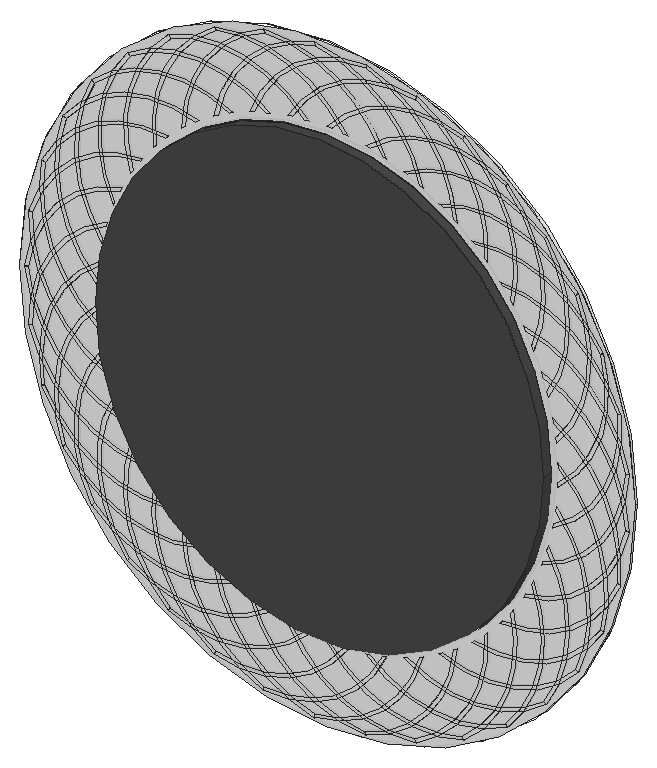
Revit family "3-1203-xx Perla Mirror", category Luminarias, Revit 2021
Family settings
  Anfitrión = Muro
  Cota de conector redondo = Diámetro de uso
  Tipo de pieza = Normal
  Número OmniClass = 23.80.70.00
  Título OmniClass = Lighting
  Siempre vertical = Sí
  Corte con vacíos al cargar = No
  Origen de luz = No
  Compartido = No
  Punto de cálculo de habitación = No
Parameters (values of type "3-1202-0 / Black")
  Diameter = 914 mm
  Elevación por defecto = 0 mm
  Comentarios de vataje = "1 x 61.4 W at 120 V"
  Voltage Input = "120 V or 277 V - 50/60 Hz"  # constant formula
  Voltage = 120 V
  URL = "www.oxygenlighting.com"
  References = "Ref. 3 = 120 V / Ref. 37 = 277 V"  # constant formula
  Modelo = "3-120X-xx / Perla"  # constant formula
  Metal Finish 1 = 15 - Black
  Fabricante = "Vanita by Oxygen"  # constant formula
  Lámpara = "LED Array"  # constant formula
Reference planes
  plane 1: y = 0
  plane 2 "Light Source Axis (L/R)": x = 125
  plane 3 "Light Source Axis (F/R)": y = 160
  plane 4 "Light Source Elevation": z = 700
  plane 5: y = 75
Text (mm)
  text "Placement side" at (-1787.139, 1116.779, 0), in view "Ref. Level"
  text "Placement side" at (0, 2110.396, 2986.058), in view "Left"
  text "Placement side" at (0, 628.478, 3011.967), in view "Right"
Dimensions and locks
  aligned and locked: plane 1 to host wall
  aligned and locked: plane 5 to host wall
  aligned and locked: plane 5 to nested 1
  aligned and locked: nested 1 to plane 2 "Light Source Axis (L/R)"
Nested families
  nested 1: "Family1" at (125, 75, 1005) x (-1, 0, 0) z (0, 0, 1), type "Family1"
Connectors
  electrical at (125, 95, 1005)
    settings: on nested 1, index 1, voltage 0 V, apparent load 0 VA, apparent load phase1 0 VA, apparent load phase2 0 VA, apparent load phase3 0 VA, power factor 1, load classification "Otro", number of poles 1, system type 31, power factor state 1, is connector primary yes, connector utility no, sub classification motor no, connector description ""
Definition of nested family "Family1"
  Parameters (values of type "Family1")
    Radius = Diameter / 2  # 457 mm
    Metal Touch Switch = (Diameter / 2) - 4.3 mm  # 452.7 mm
    Metal Finish 1 = none
    Inner Diameter = Radius - 8.5 mm  # 448.5 mm
    Diffuser = none
    Diameter = 914 mm
    Default Elevation = 0 mm
  Reference planes
    plane 1 "Center (Front/Back)": y = 0
    plane 2: z = 0
    plane 3 "Center (Left/Right)": x = 0
  Forms (mm)
    Extrusion 1, solid
      sketch origin (0, 0, 0) x (1, 0, 0) y (0, 0, 1)
        loop
          circle (0, 0) r 445
      from 20 to 30.49
    Extrusion 2, solid, material <- "Diffuser"
      sketch origin (0, 0, 0) x (1, 0, 0) y (0, 0, 1)
        loop
          circle (0, 0) r 610
        loop
          circle (0, 0) r 445
      from 20 to 25
    Extrusion 3, solid, material <- "Diffuser"
      sketch origin (0, 0, 0) x (1, 0, 0) y (0, 0, 1)
        loop
          arc (-150.098, 431.738) -> (-294.656, 467.488) -> (-434.246, 415.623) r 252.689
          line (-434.246, 415.623) -> (-429.57, 409.567)
          arc (-429.57, 409.567) -> (-297.268, 459.936) -> (-159.236, 428.51) r 244.411
          line (-159.236, 428.51) -> (-150.098, 431.738)
      from 20 to 25
    Extrusion 4, solid, material <- "Diffuser"
      sketch origin (0.06, 0, -0.005) x (0.985616, 0, -0.169001) y (0.169001, 0, 0.985616)
        loop
          arc (-150.098, 431.738) -> (-294.656, 467.488) -> (-434.246, 415.623) r 252.689
          line (-434.246, 415.623) -> (-429.57, 409.567)
          arc (-429.57, 409.567) -> (-297.268, 459.936) -> (-159.236, 428.51) r 244.411
          line (-159.236, 428.51) -> (-150.098, 431.738)
      from 20 to 25
    Extrusion 5, solid, material <- "Diffuser"
      sketch origin (-0.06, 0, -0.005) x (0.985616, 0, 0.169001) y (-0.169001, 0, 0.985616)
        loop
          arc (-150.098, 431.738) -> (-294.656, 467.488) -> (-434.246, 415.623) r 252.689
          line (-434.246, 415.623) -> (-429.57, 409.567)
          arc (-429.57, 409.567) -> (-297.268, 459.936) -> (-159.236, 428.51) r 244.411
          line (-159.236, 428.51) -> (-150.098, 431.738)
      from 20 to 25
    Extrusion 6, solid, material <- "Diffuser"
      sketch origin (-0.118, 0, -0.02) x (0.942877, 0, 0.33314) y (-0.33314, 0, 0.942877)
        loop
          arc (-150.098, 431.738) -> (-294.656, 467.488) -> (-434.246, 415.623) r 252.689
          line (-434.246, 415.623) -> (-429.57, 409.567)
          arc (-429.57, 409.567) -> (-297.268, 459.936) -> (-159.236, 428.51) r 244.411
          line (-159.236, 428.51) -> (-150.098, 431.738)
      from 20 to 25
    Extrusion 7, solid, material <- "Diffuser"
      sketch origin (-0.172, 0, -0.045) x (0.873014, 0, 0.487695) y (-0.487695, 0, 0.873014)
        loop
          arc (-150.098, 431.738) -> (-294.656, 467.488) -> (-434.246, 415.623) r 252.689
          line (-434.246, 415.623) -> (-429.57, 409.567)
          arc (-429.57, 409.567) -> (-297.268, 459.936) -> (-159.236, 428.51) r 244.411
          line (-159.236, 428.51) -> (-150.098, 431.738)
      from 20 to 25
    Extrusion 8, solid, material <- "Diffuser"
      sketch origin (-0.222, 0, -0.078) x (0.778036, 0, 0.62822) y (-0.62822, 0, 0.778036)
        loop
          arc (-150.098, 431.738) -> (-294.656, 467.488) -> (-434.246, 415.623) r 252.689
          line (-434.246, 415.623) -> (-429.57, 409.567)
          arc (-429.57, 409.567) -> (-297.268, 459.936) -> (-159.236, 428.51) r 244.411
          line (-159.236, 428.51) -> (-150.098, 431.738)
      from 20 to 25
    Extrusion 9, solid, material <- "Diffuser"
      sketch origin (-0.265, 0, -0.12) x (0.660675, 0, 0.750672) y (-0.750672, 0, 0.660675)
        loop
          arc (-150.098, 431.738) -> (-294.656, 467.488) -> (-434.246, 415.623) r 252.689
          line (-434.246, 415.623) -> (-429.57, 409.567)
          arc (-429.57, 409.567) -> (-297.268, 459.936) -> (-159.236, 428.51) r 244.411
          line (-159.236, 428.51) -> (-150.098, 431.738)
      from 20 to 25
    Extrusion 10, solid, material <- "Diffuser"
      sketch origin (-0.301, 0, -0.168) x (0.524307, 0, 0.851529) y (-0.851529, 0, 0.524307)
        loop
          arc (-150.098, 431.738) -> (-294.656, 467.488) -> (-434.246, 415.623) r 252.689
          line (-434.246, 415.623) -> (-429.57, 409.567)
          arc (-429.57, 409.567) -> (-297.268, 459.936) -> (-159.236, 428.51) r 244.411
          line (-159.236, 428.51) -> (-150.098, 431.738)
      from 20 to 25
    Extrusion 11, solid, material <- "Diffuser"
      sketch origin (-0.328, 0, -0.222) x (0.372856, 0, 0.927889) y (-0.927889, 0, 0.372856)
        loop
          arc (-150.098, 431.738) -> (-294.656, 467.488) -> (-434.246, 415.623) r 252.689
          line (-434.246, 415.623) -> (-429.57, 409.567)
          arc (-429.57, 409.567) -> (-297.268, 459.936) -> (-159.236, 428.51) r 244.411
          line (-159.236, 428.51) -> (-150.098, 431.738)
      from 20 to 25
    Extrusion 12, solid, material <- "Diffuser"
      sketch origin (-0.346, 0, -0.279) x (0.210679, 0, 0.977555) y (-0.977555, 0, 0.210679)
        loop
          arc (-150.098, 431.738) -> (-294.656, 467.488) -> (-434.246, 415.623) r 252.689
          line (-434.246, 415.623) -> (-429.57, 409.567)
          arc (-429.57, 409.567) -> (-297.268, 459.936) -> (-159.236, 428.51) r 244.411
          line (-159.236, 428.51) -> (-150.098, 431.738)
      from 20 to 25
    Extrusion 13, solid, material <- "Diffuser"
      sketch origin (-0.353, 0, -0.338) x (0.042441, 0, 0.999099) y (-0.999099, 0, 0.042441)
        loop
          arc (-150.098, 431.738) -> (-294.656, 467.488) -> (-434.246, 415.623) r 252.689
          line (-434.246, 415.623) -> (-429.57, 409.567)
          arc (-429.57, 409.567) -> (-297.268, 459.936) -> (-159.236, 428.51) r 244.411
          line (-159.236, 428.51) -> (-150.098, 431.738)
      from 20 to 25
    Extrusion 14, solid, material <- "Diffuser"
      sketch origin (-0.351, 0, -0.398) x (-0.127018, 0, 0.9919) y (-0.9919, 0, -0.127018)
        loop
          arc (-150.098, 431.738) -> (-294.656, 467.488) -> (-434.246, 415.623) r 252.689
          line (-434.246, 415.623) -> (-429.57, 409.567)
          arc (-429.57, 409.567) -> (-297.268, 459.936) -> (-159.236, 428.51) r 244.411
          line (-159.236, 428.51) -> (-150.098, 431.738)
      from 20 to 25
    Extrusion 15, solid, material <- "Diffuser"
      sketch origin (-0.338, 0, -0.457) x (-0.292823, 0, 0.956167) y (-0.956167, 0, -0.292823)
        loop
          arc (-150.098, 431.738) -> (-294.656, 467.488) -> (-434.246, 415.623) r 252.689
          line (-434.246, 415.623) -> (-429.57, 409.567)
          arc (-429.57, 409.567) -> (-297.268, 459.936) -> (-159.236, 428.51) r 244.411
          line (-159.236, 428.51) -> (-150.098, 431.738)
      from 20 to 25
    Extrusion 16, solid, material <- "Diffuser"
      sketch origin (-0.316, 0, -0.513) x (-0.450204, 0, 0.892926) y (-0.892926, 0, -0.450204)
        loop
          arc (-150.098, 431.738) -> (-294.656, 467.488) -> (-434.246, 415.623) r 252.689
          line (-434.246, 415.623) -> (-429.57, 409.567)
          arc (-429.57, 409.567) -> (-297.268, 459.936) -> (-159.236, 428.51) r 244.411
          line (-159.236, 428.51) -> (-150.098, 431.738)
      from 20 to 25
    Extrusion 17, solid, material <- "Diffuser"
      sketch origin (-0.284, 0, -0.564) x (-0.594633, 0, 0.803997) y (-0.803997, 0, -0.594633)
        loop
          arc (-150.098, 431.738) -> (-294.656, 467.488) -> (-434.246, 415.623) r 252.689
          line (-434.246, 415.623) -> (-429.57, 409.567)
          arc (-429.57, 409.567) -> (-297.268, 459.936) -> (-159.236, 428.51) r 244.411
          line (-159.236, 428.51) -> (-150.098, 431.738)
      from 20 to 25
    Extrusion 18, solid, material <- "Diffuser"
      sketch origin (-0.245, 0, -0.609) x (-0.721956, 0, 0.691939) y (-0.691939, 0, -0.721956)
        loop
          arc (-150.098, 431.738) -> (-294.656, 467.488) -> (-434.246, 415.623) r 252.689
          line (-434.246, 415.623) -> (-429.57, 409.567)
          arc (-429.57, 409.567) -> (-297.268, 459.936) -> (-159.236, 428.51) r 244.411
          line (-159.236, 428.51) -> (-150.098, 431.738)
      from 20 to 25
    Extrusion 19, solid, material <- "Diffuser"
      sketch origin (-0.198, 0, -0.646) x (-0.82851, 0, 0.559975) y (-0.559975, 0, -0.82851)
        loop
          arc (-150.098, 431.738) -> (-294.656, 467.488) -> (-434.246, 415.623) r 252.689
          line (-434.246, 415.623) -> (-429.57, 409.567)
          arc (-429.57, 409.567) -> (-297.268, 459.936) -> (-159.236, 428.51) r 244.411
          line (-159.236, 428.51) -> (-150.098, 431.738)
      from 20 to 25
    Extrusion 20, solid, material <- "Diffuser"
      sketch origin (-0.146, 0, -0.676) x (-0.911228, 0, 0.411901) y (-0.411901, 0, -0.911228)
        loop
          arc (-150.098, 431.738) -> (-294.656, 467.488) -> (-434.246, 415.623) r 252.689
          line (-434.246, 415.623) -> (-429.57, 409.567)
          arc (-429.57, 409.567) -> (-297.268, 459.936) -> (-159.236, 428.51) r 244.411
          line (-159.236, 428.51) -> (-150.098, 431.738)
      from 20 to 25
    Extrusion 21, solid, material <- "Diffuser"
      sketch origin (-0.089, 0, -0.696) x (-0.967733, 0, 0.251978) y (-0.251978, 0, -0.967733)
        loop
          arc (-150.098, 431.738) -> (-294.656, 467.488) -> (-434.246, 415.623) r 252.689
          line (-434.246, 415.623) -> (-429.57, 409.567)
          arc (-429.57, 409.567) -> (-297.268, 459.936) -> (-159.236, 428.51) r 244.411
          line (-159.236, 428.51) -> (-150.098, 431.738)
      from 20 to 25
    Extrusion 22, solid, material <- "Diffuser"
      sketch origin (-0.03, 0, -0.706) x (-0.996397, 0, 0.084806) y (-0.084806, 0, -0.996397)
        loop
          arc (-150.098, 431.738) -> (-294.656, 467.488) -> (-434.246, 415.623) r 252.689
          line (-434.246, 415.623) -> (-429.57, 409.567)
          arc (-429.57, 409.567) -> (-297.268, 459.936) -> (-159.236, 428.51) r 244.411
          line (-159.236, 428.51) -> (-150.098, 431.738)
      from 20 to 25
    Extrusion 23, solid, material <- "Diffuser"
      sketch origin (0.03, 0, -0.706) x (-0.996397, 0, -0.084806) y (0.084806, 0, -0.996397)
        loop
          arc (-150.098, 431.738) -> (-294.656, 467.488) -> (-434.246, 415.623) r 252.689
          line (-434.246, 415.623) -> (-429.57, 409.567)
          arc (-429.57, 409.567) -> (-297.268, 459.936) -> (-159.236, 428.51) r 244.411
          line (-159.236, 428.51) -> (-150.098, 431.738)
      from 20 to 25
    Extrusion 24, solid, material <- "Diffuser"
      sketch origin (0.089, 0, -0.696) x (-0.967733, 0, -0.251978) y (0.251978, 0, -0.967733)
        loop
          arc (-150.098, 431.738) -> (-294.656, 467.488) -> (-434.246, 415.623) r 252.689
          line (-434.246, 415.623) -> (-429.57, 409.567)
          arc (-429.57, 409.567) -> (-297.268, 459.936) -> (-159.236, 428.51) r 244.411
          line (-159.236, 428.51) -> (-150.098, 431.738)
      from 20 to 25
    Extrusion 25, solid, material <- "Diffuser"
      sketch origin (0.146, 0, -0.676) x (-0.911228, 0, -0.411901) y (0.411901, 0, -0.911228)
        loop
          arc (-150.098, 431.738) -> (-294.656, 467.488) -> (-434.246, 415.623) r 252.689
          line (-434.246, 415.623) -> (-429.57, 409.567)
          arc (-429.57, 409.567) -> (-297.268, 459.936) -> (-159.236, 428.51) r 244.411
          line (-159.236, 428.51) -> (-150.098, 431.738)
      from 20 to 25
    Extrusion 26, solid, material <- "Diffuser"
      sketch origin (0.198, 0, -0.646) x (-0.82851, 0, -0.559975) y (0.559975, 0, -0.82851)
        loop
          arc (-150.098, 431.738) -> (-294.656, 467.488) -> (-434.246, 415.623) r 252.689
          line (-434.246, 415.623) -> (-429.57, 409.567)
          arc (-429.57, 409.567) -> (-297.268, 459.936) -> (-159.236, 428.51) r 244.411
          line (-159.236, 428.51) -> (-150.098, 431.738)
      from 20 to 25
    Extrusion 27, solid, material <- "Diffuser"
      sketch origin (0.245, 0, -0.609) x (-0.721956, 0, -0.691939) y (0.691939, 0, -0.721956)
        loop
          arc (-150.098, 431.738) -> (-294.656, 467.488) -> (-434.246, 415.623) r 252.689
          line (-434.246, 415.623) -> (-429.57, 409.567)
          arc (-429.57, 409.567) -> (-297.268, 459.936) -> (-159.236, 428.51) r 244.411
          line (-159.236, 428.51) -> (-150.098, 431.738)
      from 20 to 25
    Extrusion 28, solid, material <- "Diffuser"
      sketch origin (0.284, 0, -0.564) x (-0.594633, 0, -0.803997) y (0.803997, 0, -0.594633)
        loop
          arc (-150.098, 431.738) -> (-294.656, 467.488) -> (-434.246, 415.623) r 252.689
          line (-434.246, 415.623) -> (-429.57, 409.567)
          arc (-429.57, 409.567) -> (-297.268, 459.936) -> (-159.236, 428.51) r 244.411
          line (-159.236, 428.51) -> (-150.098, 431.738)
      from 20 to 25
    Extrusion 29, solid, material <- "Diffuser"
      sketch origin (0.316, 0, -0.513) x (-0.450204, 0, -0.892926) y (0.892926, 0, -0.450204)
        loop
          arc (-150.098, 431.738) -> (-294.656, 467.488) -> (-434.246, 415.623) r 252.689
          line (-434.246, 415.623) -> (-429.57, 409.567)
          arc (-429.57, 409.567) -> (-297.268, 459.936) -> (-159.236, 428.51) r 244.411
          line (-159.236, 428.51) -> (-150.098, 431.738)
      from 20 to 25
    Extrusion 30, solid, material <- "Diffuser"
      sketch origin (0.338, 0, -0.457) x (-0.292823, 0, -0.956167) y (0.956167, 0, -0.292823)
        loop
          arc (-150.098, 431.738) -> (-294.656, 467.488) -> (-434.246, 415.623) r 252.689
          line (-434.246, 415.623) -> (-429.57, 409.567)
          arc (-429.57, 409.567) -> (-297.268, 459.936) -> (-159.236, 428.51) r 244.411
          line (-159.236, 428.51) -> (-150.098, 431.738)
      from 20 to 25
    Extrusion 31, solid, material <- "Diffuser"
      sketch origin (0.351, 0, -0.398) x (-0.127018, 0, -0.9919) y (0.9919, 0, -0.127018)
        loop
          arc (-150.098, 431.738) -> (-294.656, 467.488) -> (-434.246, 415.623) r 252.689
          line (-434.246, 415.623) -> (-429.57, 409.567)
          arc (-429.57, 409.567) -> (-297.268, 459.936) -> (-159.236, 428.51) r 244.411
          line (-159.236, 428.51) -> (-150.098, 431.738)
      from 20 to 25
    Extrusion 32, solid, material <- "Diffuser"
      sketch origin (0.353, 0, -0.338) x (0.042441, 0, -0.999099) y (0.999099, 0, 0.042441)
        loop
          arc (-150.098, 431.738) -> (-294.656, 467.488) -> (-434.246, 415.623) r 252.689
          line (-434.246, 415.623) -> (-429.57, 409.567)
          arc (-429.57, 409.567) -> (-297.268, 459.936) -> (-159.236, 428.51) r 244.411
          line (-159.236, 428.51) -> (-150.098, 431.738)
      from 20 to 25
    Extrusion 33, solid, material <- "Diffuser"
      sketch origin (0.346, 0, -0.279) x (0.210679, 0, -0.977555) y (0.977555, 0, 0.210679)
        loop
          arc (-150.098, 431.738) -> (-294.656, 467.488) -> (-434.246, 415.623) r 252.689
          line (-434.246, 415.623) -> (-429.57, 409.567)
          arc (-429.57, 409.567) -> (-297.268, 459.936) -> (-159.236, 428.51) r 244.411
          line (-159.236, 428.51) -> (-150.098, 431.738)
      from 20 to 25
    Extrusion 34, solid, material <- "Diffuser"
      sketch origin (0.328, 0, -0.222) x (0.372856, 0, -0.927889) y (0.927889, 0, 0.372856)
        loop
          arc (-150.098, 431.738) -> (-294.656, 467.488) -> (-434.246, 415.623) r 252.689
          line (-434.246, 415.623) -> (-429.57, 409.567)
          arc (-429.57, 409.567) -> (-297.268, 459.936) -> (-159.236, 428.51) r 244.411
          line (-159.236, 428.51) -> (-150.098, 431.738)
      from 20 to 25
    Extrusion 35, solid, material <- "Diffuser"
      sketch origin (0.301, 0, -0.168) x (0.524307, 0, -0.851529) y (0.851529, 0, 0.524307)
        loop
          arc (-150.098, 431.738) -> (-294.656, 467.488) -> (-434.246, 415.623) r 252.689
          line (-434.246, 415.623) -> (-429.57, 409.567)
          arc (-429.57, 409.567) -> (-297.268, 459.936) -> (-159.236, 428.51) r 244.411
          line (-159.236, 428.51) -> (-150.098, 431.738)
      from 20 to 25
    Extrusion 36, solid, material <- "Diffuser"
      sketch origin (0.265, 0, -0.12) x (0.660675, 0, -0.750672) y (0.750672, 0, 0.660675)
        loop
          arc (-150.098, 431.738) -> (-294.656, 467.488) -> (-434.246, 415.623) r 252.689
          line (-434.246, 415.623) -> (-429.57, 409.567)
          arc (-429.57, 409.567) -> (-297.268, 459.936) -> (-159.236, 428.51) r 244.411
          line (-159.236, 428.51) -> (-150.098, 431.738)
      from 20 to 25
    Extrusion 37, solid, material <- "Diffuser"
      sketch origin (0.222, 0, -0.078) x (0.778036, 0, -0.62822) y (0.62822, 0, 0.778036)
        loop
          arc (-150.098, 431.738) -> (-294.656, 467.488) -> (-434.246, 415.623) r 252.689
          line (-434.246, 415.623) -> (-429.57, 409.567)
          arc (-429.57, 409.567) -> (-297.268, 459.936) -> (-159.236, 428.51) r 244.411
          line (-159.236, 428.51) -> (-150.098, 431.738)
      from 20 to 25
    Extrusion 38, solid, material <- "Diffuser"
      sketch origin (0.172, 0, -0.045) x (0.873014, 0, -0.487695) y (0.487695, 0, 0.873014)
        loop
          arc (-150.098, 431.738) -> (-294.656, 467.488) -> (-434.246, 415.623) r 252.689
          line (-434.246, 415.623) -> (-429.57, 409.567)
          arc (-429.57, 409.567) -> (-297.268, 459.936) -> (-159.236, 428.51) r 244.411
          line (-159.236, 428.51) -> (-150.098, 431.738)
      from 20 to 25
    Extrusion 39, solid, material <- "Diffuser"
      sketch origin (0.118, 0, -0.02) x (0.942877, 0, -0.33314) y (0.33314, 0, 0.942877)
        loop
          arc (-150.098, 431.738) -> (-294.656, 467.488) -> (-434.246, 415.623) r 252.689
          line (-434.246, 415.623) -> (-429.57, 409.567)
          arc (-429.57, 409.567) -> (-297.268, 459.936) -> (-159.236, 428.51) r 244.411
          line (-159.236, 428.51) -> (-150.098, 431.738)
      from 20 to 25
    Extrusion 40, solid, material <- "Metal Finish 1"
      sketch origin (0, 0, 0) x (-1, 0, 0) y (0, 0, -1)
        loop
          circle (0, 0.353) r 445
      from 0 to 20
    Extrusion 41, solid, material <- "Diffuser"
      sketch origin (-1337.272, 0, 402.66) x (0.82868, 0, -0.559722) y (0.559722, 0, 0.82868)
        loop
          arc (1187.957, 847.242) -> (1274.395, 958.815) -> (1408.227, 1003.638) r 243.333
          line (1408.227, 1003.638) -> (1410.381, 1011.225)
          arc (1410.381, 1011.225) -> (1268.696, 964.416) -> (1179.251, 844.978) r 248.877
          line (1179.251, 844.978) -> (1187.957, 847.242)
      from 25 to 20
    Extrusion 42, solid, material <- "Diffuser"
      sketch origin (-1249.927, 0, 622.863) x (0.722167, 0, -0.691719) y (0.691719, 0, 0.722167)
        loop
          arc (1187.957, 847.242) -> (1274.395, 958.815) -> (1408.227, 1003.638) r 243.333
          line (1408.227, 1003.638) -> (1410.381, 1011.225)
          arc (1410.381, 1011.225) -> (1268.696, 964.416) -> (1179.251, 844.978) r 248.877
          line (1179.251, 844.978) -> (1187.957, 847.242)
      from 25 to 20
    Extrusion 43, solid, material <- "Diffuser"
      sketch origin (-1386.146, 0, 170.863) x (0.911354, 0, -0.411623) y (0.411623, 0, 0.911354)
        loop
          arc (1187.957, 847.242) -> (1274.395, 958.815) -> (1408.227, 1003.638) r 243.333
          line (1408.227, 1003.638) -> (1410.381, 1011.225)
          arc (1410.381, 1011.225) -> (1268.696, 964.416) -> (1179.251, 844.978) r 248.877
          line (1179.251, 844.978) -> (1187.957, 847.242)
      from 25 to 20
    Extrusion 44, solid, material <- "Diffuser"
      sketch origin (-1395.143, 0, -65.859) x (0.96781, 0, -0.251683) y (0.251683, 0, 0.96781)
        loop
          arc (1187.957, 847.242) -> (1274.395, 958.815) -> (1408.227, 1003.638) r 243.333
          line (1408.227, 1003.638) -> (1410.381, 1011.225)
          arc (1410.381, 1011.225) -> (1268.696, 964.416) -> (1179.251, 844.978) r 248.877
          line (1179.251, 844.978) -> (1187.957, 847.242)
      from 25 to 20
    Extrusion 45, solid, material <- "Diffuser"
      sketch origin (-1364.005, 0, -300.697) x (0.996423, 0, -0.084502) y (0.084502, 0, 0.996423)
        loop
          arc (1187.957, 847.242) -> (1274.395, 958.815) -> (1408.227, 1003.638) r 243.333
          line (1408.227, 1003.638) -> (1410.381, 1011.225)
          arc (1410.381, 1011.225) -> (1268.696, 964.416) -> (1179.251, 844.978) r 248.877
          line (1179.251, 844.978) -> (1187.957, 847.242)
      from 25 to 20
    Extrusion 46, solid, material <- "Diffuser"
      sketch origin (-1293.626, 0, -526.895) x (0.996372, 0, 0.08511) y (-0.08511, 0, 0.996372)
        loop
          arc (1187.957, 847.242) -> (1274.395, 958.815) -> (1408.227, 1003.638) r 243.333
          line (1408.227, 1003.638) -> (1410.381, 1011.225)
          arc (1410.381, 1011.225) -> (1268.696, 964.416) -> (1179.251, 844.978) r 248.877
          line (1179.251, 844.978) -> (1187.957, 847.242)
      from 25 to 20
    Extrusion 47, solid, material <- "Diffuser"
      sketch origin (-1186.033, 0, -737.945) x (0.967656, 0, 0.252273) y (-0.252273, 0, 0.967656)
        loop
          arc (1187.957, 847.242) -> (1274.395, 958.815) -> (1408.227, 1003.638) r 243.333
          line (1408.227, 1003.638) -> (1410.381, 1011.225)
          arc (1410.381, 1011.225) -> (1268.696, 964.416) -> (1179.251, 844.978) r 248.877
          line (1179.251, 844.978) -> (1187.957, 847.242)
      from 25 to 20
    Extrusion 48, solid, material <- "Diffuser"
      sketch origin (-1044.319, 0, -927.776) x (0.911103, 0, 0.412179) y (-0.412179, 0, 0.911103)
        loop
          arc (1187.957, 847.242) -> (1274.395, 958.815) -> (1408.227, 1003.638) r 243.333
          line (1408.227, 1003.638) -> (1410.381, 1011.225)
          arc (1410.381, 1011.225) -> (1268.696, 964.416) -> (1179.251, 844.978) r 248.877
          line (1179.251, 844.978) -> (1187.957, 847.242)
      from 25 to 20
    Extrusion 49, solid, material <- "Diffuser"
      sketch origin (-872.562, 0, -1090.927) x (0.828339, 0, 0.560227) y (-0.560227, 0, 0.828339)
        loop
          arc (1187.957, 847.242) -> (1274.395, 958.815) -> (1408.227, 1003.638) r 243.333
          line (1408.227, 1003.638) -> (1410.381, 1011.225)
          arc (1410.381, 1011.225) -> (1268.696, 964.416) -> (1179.251, 844.978) r 248.877
          line (1179.251, 844.978) -> (1187.957, 847.242)
      from 25 to 20
    Extrusion 50, solid, material <- "Diffuser"
      sketch origin (-675.704, 0, -1222.704) x (0.721745, 0, 0.692159) y (-0.692159, 0, 0.721745)
        loop
          arc (1187.957, 847.242) -> (1274.395, 958.815) -> (1408.227, 1003.638) r 243.333
          line (1408.227, 1003.638) -> (1410.381, 1011.225)
          arc (1410.381, 1011.225) -> (1268.696, 964.416) -> (1179.251, 844.978) r 248.877
          line (1179.251, 844.978) -> (1187.957, 847.242)
      from 25 to 20
    Extrusion 51, solid, material <- "Diffuser"
      sketch origin (-459.406, 0, -1319.316) x (0.594388, 0, 0.804178) y (-0.804178, 0, 0.594388)
        loop
          arc (1187.957, 847.242) -> (1274.395, 958.815) -> (1408.227, 1003.638) r 243.333
          line (1408.227, 1003.638) -> (1410.381, 1011.225)
          arc (1410.381, 1011.225) -> (1268.696, 964.416) -> (1179.251, 844.978) r 248.877
          line (1179.251, 844.978) -> (1187.957, 847.242)
      from 25 to 20
    Extrusion 52, solid, material <- "Diffuser"
      sketch origin (-229.892, 0, -1377.984) x (0.449931, 0, 0.893063) y (-0.893063, 0, 0.449931)
        loop
          arc (1187.957, 847.242) -> (1274.395, 958.815) -> (1408.227, 1003.638) r 243.333
          line (1408.227, 1003.638) -> (1410.381, 1011.225)
          arc (1410.381, 1011.225) -> (1268.696, 964.416) -> (1179.251, 844.978) r 248.877
          line (1179.251, 844.978) -> (1187.957, 847.242)
      from 25 to 20
    Extrusion 53, solid, material <- "Diffuser"
      sketch origin (6.235, 0, -1397.02) x (0.292531, 0, 0.956256) y (-0.956256, 0, 0.292531)
        loop
          arc (1187.957, 847.242) -> (1274.395, 958.815) -> (1408.227, 1003.638) r 243.333
          line (1408.227, 1003.638) -> (1410.381, 1011.225)
          arc (1410.381, 1011.225) -> (1268.696, 964.416) -> (1179.251, 844.978) r 248.877
          line (1179.251, 844.978) -> (1187.957, 847.242)
      from 25 to 20
    Extrusion 54, solid, material <- "Diffuser"
      sketch origin (242.183, 0, -1375.876) x (0.126715, 0, 0.991939) y (-0.991939, 0, 0.126715)
        loop
          arc (1187.957, 847.242) -> (1274.395, 958.815) -> (1408.227, 1003.638) r 243.333
          line (1408.227, 1003.638) -> (1410.381, 1011.225)
          arc (1410.381, 1011.225) -> (1268.696, 964.416) -> (1179.251, 844.978) r 248.877
          line (1179.251, 844.978) -> (1187.957, 847.242)
      from 25 to 20
    Extrusion 55, solid, material <- "Diffuser"
      sketch origin (471.164, 0, -1315.161) x (-0.042746, 0, 0.999086) y (-0.999086, 0, -0.042746)
        loop
          arc (1187.957, 847.242) -> (1274.395, 958.815) -> (1408.227, 1003.638) r 243.333
          line (1408.227, 1003.638) -> (1410.381, 1011.225)
          arc (1410.381, 1011.225) -> (1268.696, 964.416) -> (1179.251, 844.978) r 248.877
          line (1179.251, 844.978) -> (1187.957, 847.242)
      from 25 to 20
    Extrusion 56, solid, material <- "Diffuser"
      sketch origin (686.591, 0, -1216.622) x (-0.210977, 0, 0.977491) y (-0.977491, 0, -0.210977)
        loop
          arc (1187.957, 847.242) -> (1274.395, 958.815) -> (1408.227, 1003.638) r 243.333
          line (1408.227, 1003.638) -> (1410.381, 1011.225)
          arc (1410.381, 1011.225) -> (1268.696, 964.416) -> (1179.251, 844.978) r 248.877
          line (1179.251, 844.978) -> (1187.957, 847.242)
      from 25 to 20
    Extrusion 57, solid, material <- "Diffuser"
      sketch origin (882.265, 0, -1083.093) x (-0.37314, 0, 0.927775) y (-0.927775, 0, -0.37314)
        loop
          arc (1187.957, 847.242) -> (1274.395, 958.815) -> (1408.227, 1003.638) r 243.333
          line (1408.227, 1003.638) -> (1410.381, 1011.225)
          arc (1410.381, 1011.225) -> (1268.696, 964.416) -> (1179.251, 844.978) r 248.877
          line (1179.251, 844.978) -> (1187.957, 847.242)
      from 25 to 20
    Extrusion 58, solid, material <- "Diffuser"
      sketch origin (1052.558, 0, -918.415) x (-0.524567, 0, 0.851369) y (-0.851369, 0, -0.524567)
        loop
          arc (1187.957, 847.242) -> (1274.395, 958.815) -> (1408.227, 1003.638) r 243.333
          line (1408.227, 1003.638) -> (1410.381, 1011.225)
          arc (1410.381, 1011.225) -> (1268.696, 964.416) -> (1179.251, 844.978) r 248.877
          line (1179.251, 844.978) -> (1187.957, 847.242)
      from 25 to 20
    Extrusion 59, solid, material <- "Diffuser"
      sketch origin (1192.571, 0, -727.326) x (-0.660904, 0, 0.750471) y (-0.750471, 0, -0.660904)
        loop
          arc (1187.957, 847.242) -> (1274.395, 958.815) -> (1408.227, 1003.638) r 243.333
          line (1408.227, 1003.638) -> (1410.381, 1011.225)
          arc (1410.381, 1011.225) -> (1268.696, 964.416) -> (1179.251, 844.978) r 248.877
          line (1179.251, 844.978) -> (1187.957, 847.242)
      from 25 to 20
    Extrusion 60, solid, material <- "Diffuser"
      sketch origin (1298.276, 0, -515.324) x (-0.778227, 0, 0.627983) y (-0.627983, 0, -0.778227)
        loop
          arc (1187.957, 847.242) -> (1274.395, 958.815) -> (1408.227, 1003.638) r 243.333
          line (1408.227, 1003.638) -> (1410.381, 1011.225)
          arc (1410.381, 1011.225) -> (1268.696, 964.416) -> (1179.251, 844.978) r 248.877
          line (1179.251, 844.978) -> (1187.957, 847.242)
      from 25 to 20
    Extrusion 61, solid, material <- "Diffuser"
      sketch origin (1366.632, 0, -288.507) x (-0.873163, 0, 0.487429) y (-0.487429, 0, -0.873163)
        loop
          arc (1187.957, 847.242) -> (1274.395, 958.815) -> (1408.227, 1003.638) r 243.333
          line (1408.227, 1003.638) -> (1410.381, 1011.225)
          arc (1410.381, 1011.225) -> (1268.696, 964.416) -> (1179.251, 844.978) r 248.877
          line (1179.251, 844.978) -> (1187.957, 847.242)
      from 25 to 20
    Extrusion 62, solid, material <- "Diffuser"
      sketch origin (1395.672, 0, -53.4) x (-0.942979, 0, 0.332852) y (-0.332852, 0, -0.942979)
        loop
          arc (1187.957, 847.242) -> (1274.395, 958.815) -> (1408.227, 1003.638) r 243.333
          line (1408.227, 1003.638) -> (1410.381, 1011.225)
          arc (1410.381, 1011.225) -> (1268.696, 964.416) -> (1179.251, 844.978) r 248.877
          line (1179.251, 844.978) -> (1187.957, 847.242)
      from 25 to 20
    Extrusion 63, solid, material <- "Diffuser"
      sketch origin (1384.562, 0, 183.233) x (-0.985667, 0, 0.1687) y (-0.1687, 0, -0.985667)
        loop
          arc (1187.957, 847.242) -> (1274.395, 958.815) -> (1408.227, 1003.638) r 243.333
          line (1408.227, 1003.638) -> (1410.381, 1011.225)
          arc (1410.381, 1011.225) -> (1268.696, 964.416) -> (1179.251, 844.978) r 248.877
          line (1179.251, 844.978) -> (1187.957, 847.242)
      from 25 to 20
    Extrusion 64, solid, material <- "Diffuser"
      sketch origin (1333.62, 0, 414.584) x (-1, 0, -0.000305) y (0.000305, 0, -1)
        loop
          arc (1187.957, 847.242) -> (1274.395, 958.815) -> (1408.227, 1003.638) r 243.333
          line (1408.227, 1003.638) -> (1410.381, 1011.225)
          arc (1410.381, 1011.225) -> (1268.696, 964.416) -> (1179.251, 844.978) r 248.877
          line (1179.251, 844.978) -> (1187.957, 847.242)
      from 25 to 20
    Extrusion 65, solid, material <- "Diffuser"
      sketch origin (1244.312, 0, 633.999) x (-0.985564, 0, -0.169301) y (0.169301, 0, -0.985564)
        loop
          arc (1187.957, 847.242) -> (1274.395, 958.815) -> (1408.227, 1003.638) r 243.333
          line (1408.227, 1003.638) -> (1410.381, 1011.225)
          arc (1410.381, 1011.225) -> (1268.696, 964.416) -> (1179.251, 844.978) r 248.877
          line (1179.251, 844.978) -> (1187.957, 847.242)
      from 25 to 20
    Extrusion 66, solid, material <- "Diffuser"
      sketch origin (1119.208, 0, 835.164) x (-0.942776, 0, -0.333427) y (0.333427, 0, -0.942776)
        loop
          arc (1187.957, 847.242) -> (1274.395, 958.815) -> (1408.227, 1003.638) r 243.333
          line (1408.227, 1003.638) -> (1410.381, 1011.225)
          arc (1410.381, 1011.225) -> (1268.696, 964.416) -> (1179.251, 844.978) r 248.877
          line (1179.251, 844.978) -> (1187.957, 847.242)
      from 25 to 20
    Extrusion 67, solid, material <- "Diffuser"
      sketch origin (961.906, 0, 1012.293) x (-0.872865, 0, -0.487961) y (0.487961, 0, -0.872865)
        loop
          arc (1187.957, 847.242) -> (1274.395, 958.815) -> (1408.227, 1003.638) r 243.333
          line (1408.227, 1003.638) -> (1410.381, 1011.225)
          arc (1410.381, 1011.225) -> (1268.696, 964.416) -> (1179.251, 844.978) r 248.877
          line (1179.251, 844.978) -> (1187.957, 847.242)
      from 25 to 20
    Extrusion 68, solid, material <- "Diffuser"
      sketch origin (776.932, 0, 1160.29) x (-0.777844, 0, -0.628457) y (0.628457, 0, -0.777844)
        loop
          arc (1187.957, 847.242) -> (1274.395, 958.815) -> (1408.227, 1003.638) r 243.333
          line (1408.227, 1003.638) -> (1410.381, 1011.225)
          arc (1410.381, 1011.225) -> (1268.696, 964.416) -> (1179.251, 844.978) r 248.877
          line (1179.251, 844.978) -> (1187.957, 847.242)
      from 25 to 20
    Extrusion 69, solid, material <- "Diffuser"
      sketch origin (569.607, 0, 1274.897) x (-0.660446, 0, -0.750874) y (0.750874, 0, -0.660446)
        loop
          arc (1187.957, 847.242) -> (1274.395, 958.815) -> (1408.227, 1003.638) r 243.333
          line (1408.227, 1003.638) -> (1410.381, 1011.225)
          arc (1410.381, 1011.225) -> (1268.696, 964.416) -> (1179.251, 844.978) r 248.877
          line (1179.251, 844.978) -> (1187.957, 847.242)
      from 25 to 20
    Extrusion 70, solid, material <- "Diffuser"
      sketch origin (345.895, 0, 1352.818) x (-0.524048, 0, -0.851689) y (0.851689, 0, -0.524048)
        loop
          arc (1187.957, 847.242) -> (1274.395, 958.815) -> (1408.227, 1003.638) r 243.333
          line (1408.227, 1003.638) -> (1410.381, 1011.225)
          arc (1410.381, 1011.225) -> (1268.696, 964.416) -> (1179.251, 844.978) r 248.877
          line (1179.251, 844.978) -> (1187.957, 847.242)
      from 25 to 20
    Extrusion 71, solid, material <- "Diffuser"
      sketch origin (112.233, 0, 1391.81) x (-0.372573, 0, -0.928003) y (0.928003, 0, -0.372573)
        loop
          arc (1187.957, 847.242) -> (1274.395, 958.815) -> (1408.227, 1003.638) r 243.333
          line (1408.227, 1003.638) -> (1410.381, 1011.225)
          arc (1410.381, 1011.225) -> (1268.696, 964.416) -> (1179.251, 844.978) r 248.877
          line (1179.251, 844.978) -> (1187.957, 847.242)
      from 25 to 20
    Extrusion 72, solid, material <- "Diffuser"
      sketch origin (-124.658, 0, 1390.752) x (-0.210381, 0, -0.977619) y (0.977619, 0, -0.210381)
        loop
          arc (1187.957, 847.242) -> (1274.395, 958.815) -> (1408.227, 1003.638) r 243.333
          line (1408.227, 1003.638) -> (1410.381, 1011.225)
          arc (1410.381, 1011.225) -> (1268.696, 964.416) -> (1179.251, 844.978) r 248.877
          line (1179.251, 844.978) -> (1187.957, 847.242)
      from 25 to 20
    Extrusion 73, solid, material <- "Diffuser"
      sketch origin (-357.963, 0, 1349.675) x (-0.042136, 0, -0.999112) y (0.999112, 0, -0.042136)
        loop
          arc (1187.957, 847.242) -> (1274.395, 958.815) -> (1408.227, 1003.638) r 243.333
          line (1408.227, 1003.638) -> (1410.381, 1011.225)
          arc (1410.381, 1011.225) -> (1268.696, 964.416) -> (1179.251, 844.978) r 248.877
          line (1179.251, 844.978) -> (1187.957, 847.242)
      from 25 to 20
    Extrusion 74, solid, material <- "Diffuser"
      sketch origin (-580.97, 0, 1269.76) x (0.12732, 0, -0.991862) y (0.991862, 0, 0.12732)
        loop
          arc (1187.957, 847.242) -> (1274.395, 958.815) -> (1408.227, 1003.638) r 243.333
          line (1408.227, 1003.638) -> (1410.381, 1011.225)
          arc (1410.381, 1011.225) -> (1268.696, 964.416) -> (1179.251, 844.978) r 248.877
          line (1179.251, 844.978) -> (1187.957, 847.242)
      from 25 to 20
    Extrusion 75, solid, material <- "Diffuser"
      sketch origin (-787.264, 0, 1153.306) x (0.293114, 0, -0.956077) y (0.956077, 0, 0.293114)
        loop
          arc (1187.957, 847.242) -> (1274.395, 958.815) -> (1408.227, 1003.638) r 243.333
          line (1408.227, 1003.638) -> (1410.381, 1011.225)
          arc (1410.381, 1011.225) -> (1268.696, 964.416) -> (1179.251, 844.978) r 248.877
          line (1179.251, 844.978) -> (1187.957, 847.242)
      from 25 to 20
    Extrusion 76, solid, material <- "Diffuser"
      sketch origin (-970.909, 0, 1003.664) x (0.450476, 0, -0.892788) y (0.892788, 0, 0.450476)
        loop
          arc (1187.957, 847.242) -> (1274.395, 958.815) -> (1408.227, 1003.638) r 243.333
          line (1408.227, 1003.638) -> (1410.381, 1011.225)
          arc (1410.381, 1011.225) -> (1268.696, 964.416) -> (1179.251, 844.978) r 248.877
          line (1179.251, 844.978) -> (1187.957, 847.242)
      from 25 to 20
    Extrusion 77, solid, material <- "Diffuser"
      sketch origin (-1126.623, 0, 825.137) x (0.594878, 0, -0.803816) y (0.803816, 0, 0.594878)
        loop
          arc (1187.957, 847.242) -> (1274.395, 958.815) -> (1408.227, 1003.638) r 243.333
          line (1408.227, 1003.638) -> (1410.381, 1011.225)
          arc (1410.381, 1011.225) -> (1268.696, 964.416) -> (1179.251, 844.978) r 248.877
          line (1179.251, 844.978) -> (1187.957, 847.242)
      from 25 to 20
  Dimensions and locks
    Extrusion 1 to plane 1 "Center (Front/Back)" = 30.49 mm
    aligned and locked: plane 2 to level
    aligned and locked: Extrusion 1 sketch curve to Extrusion 2  (x2)
